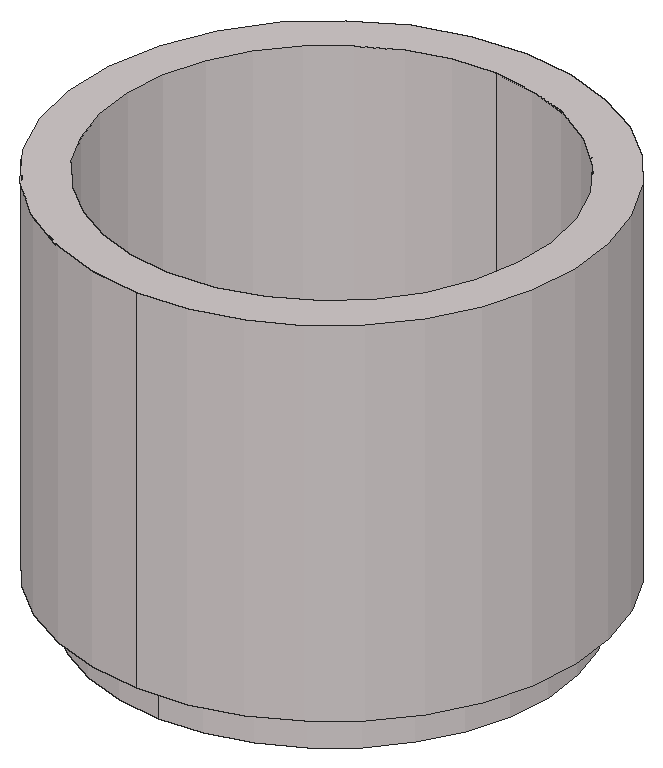
Revit family
Parameters (values of type "619 mm dia.")
  Planter Material = Precast Concrete
Reference planes
  plane 1 "Center (Front/Back)": y = 0
  plane 2: z = 0
  plane 3 "Center (Left/Right)": x = -5.376
  plane 4: z = 500
  plane 5: y = 309.582
  plane 6: y = -259.582
  plane 7: y = -309.582
  plane 8: y = 259.582
Forms (mm)
  Extrusion 1, solid, material "Precast Concrete" <- "Planter Material"
    sketch origin (0, 0, 0) x (1, 0, 0) y (0, 1, 0)
      loop
        circle (0, 0) r 275
    from 0 to 50
  Extrusion 2, solid, material "Precast Concrete" <- "Planter Material"
    sketch origin (0, 0, 0) x (1, 0, 0) y (0, 1, 0)
      loop
        circle (0, 0) r 309.582
      loop
        circle (0, 0) r 259.582
    from 50 to 500
Lines and regions (mm)
  symbolic lines
    curve 1: arc (0, 309.582, 0) -> (-309.582, 0, 0) -> (0, -309.582, 0) r 309.582
    curve 2: arc (0, -309.582, 0) -> (309.582, 0, 0) -> (0, 309.582, 0) r 309.582
    curve 3: arc (0, -259.582, 0) -> (-259.582, 0, 0) -> (0, 259.582, 0) r 259.582
    curve 4: arc (0, 259.582, 0) -> (259.582, 0, 0) -> (0, -259.582, 0) r 259.582
Dimensions and locks
  plane 4 to level = 500 mm
  locked: plane 8 to plane 5 at 50
  locked: plane 7 to plane 6 at 50
  plane 6 to plane 8 = 519.164 mm
  plane 7 to plane 5 = 619.164 mm
  aligned and locked: Extrusion 2 to Extrusion 1
  aligned and locked: plane 4 to Extrusion 2
  aligned and locked: plane 5 to Extrusion 2
  aligned and locked: plane 6 to Extrusion 2
  aligned and locked: plane 7 to Extrusion 2
  aligned and locked: plane 8 to Extrusion 2
